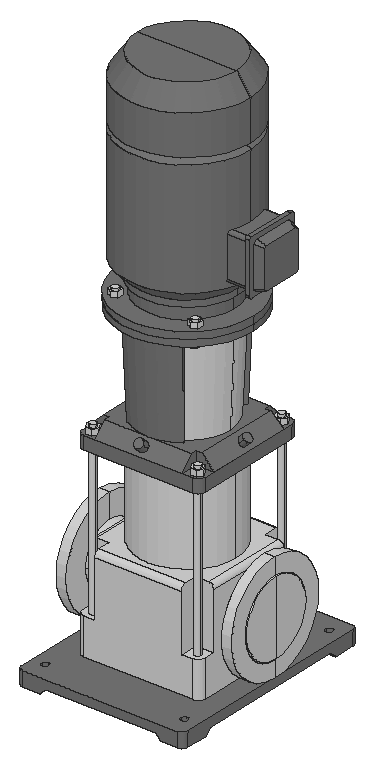
Revit family "TESK_Насос вертикальный_SVM(T)-200", category Оборудование, Revit 2019
Family settings
  Размер круглого соединителя = Использовать диаметр
  Классификация = Насос
  Тип детали = Вставляется
  На основе рабочей плоскости = Нет
  Всегда вертикально = Да
  При загрузке вырезать с полостями = Нет
  Общий = Нет
  Точка расчета площади = Нет
Parameters (values of type "Загрузите каталог типоразмеров TXT")
  Толщина_ФланцаДвигателя = Двигатель_Высота * 0.03  # 18.3 mm
  Таблица_Поиска = "TESK_SVM(T)-200"  # constant formula
  Производитель_Контакты = "info@teskpump.ru"
  Напор максимальный = 0
  Материал_КорпусУлитка = TESK_Нержавеющая сталь
  Материал_КорпусДвигателя = TESK_Черный_Ребра_Условный
  Материал_2 = TESK_Нержавеющая сталь
  Материал_1 = TESK_Черный_Условный
  Высота_Башня = size_lookup(Таблица_Поиска, "A5", 320 mm, ADSK_Марка)  # 320 mm
  Высота_Корпуса = size_lookup(Таблица_Поиска, "A1", 907 mm, ADSK_Марка)  # 907 mm
  Watermark [instance] = "Модели защищены уникальным кодом"
  URL = "www.teskpump.ru"
  D_Башня = Двигатель_Ширина * 0.75  # 262.5 mm
  ADSK_Свободный напор жидкости [instance] = 0.0 Pa
  ADSK_Расход жидкости [instance] = 0.0 L/s
  ADSK_Полная мощность = ADSK_Номинальная мощность * ADSK_Коэффициент мощности  # 0 kVA
  ADSK_Номинальная мощность = size_lookup(Таблица_Поиска, "Pow", 0 kW, ADSK_Марка)  # 0 kW
  ADSK_Напряжение = 400 V
  ADSK_Наименование краткое = "Вертикальный многоступенчатый центробежный насос"  # constant formula
  ADSK_Наименование = size_lookup(Таблица_Поиска, "Name", "Не найдено: Насос TESK SVM(T)-200", ADSK_Марка)  # "Не найдено: Насос TESK SVM(T)-200"
  ADSK_Масса_Текст = size_lookup(Таблица_Поиска, "mass_t", "Не найдено: Насос TESK SVM(T)-200", ADSK_Марка)  # "Не найдено: Насос TESK SVM(T)-200"
  ADSK_Масса = size_lookup(Таблица_Поиска, "mass", 0, ADSK_Марка)  # 0
  ADSK_Марка = "Загрузите каталог типоразмеров TXT"
  ADSK_Коэффициент мощности = 1
  ADSK_Количество фаз числовое = ADSK_Количество фаз  # 3
  ADSK_Количество фаз = if(ADSK_Напряжение = 230 V, 1, 3)  # 3
  ADSK_Количество = 1  # constant formula
  ADSK_Код изделия = size_lookup(Таблица_Поиска, "code", "Не найдено: Насос TESK SVM(T)-200", ADSK_Марка)  # "Не найдено: Насос TESK SVM(T)-200"
  ADSK_Классификация нагрузок = Прочее
  ADSK_Завод-изготовитель = "TESK"  # constant formula
  ADSK_Единица измерения = "шт."  # constant formula
  ADSK_Диаметр условный = 150 mm  # constant formula
  ADSK_Версия семейства = "1.0"  # constant formula
  ADSK_Версия Revit = "2019"  # constant formula
  Фланец_Толщина = 30 mm  # constant formula
  УГО_Длина = 490 mm  # constant formula
  Двигатель_Ширина = size_lookup(Таблица_Поиска, "A3", 350 mm, ADSK_Марка)  # 350 mm
  Двигатель_ОтступКоробки = size_lookup(Таблица_Поиска, "A4", 260 mm, ADSK_Марка)  # 260 mm
  Двигатель_Высота = size_lookup(Таблица_Поиска, "A2", 610 mm, ADSK_Марка)  # 610 mm
Reference planes
  plane 1 "По центру (Вперед/Назад)": y = 0
  plane 2: z = 0
  plane 3 "По центру (Влево/Вправо)": x = 0
  plane 4: x = -245
  plane 5: x = 245
  plane 6: x = -215
  plane 7: x = 215
  plane 8: z = -200
  plane 9: z = 707
  plane 10: z = 387
  plane 11: z = 352
  plane 12: x = -170
  plane 13: y = 170
  plane 14: x = 170
  plane 15: y = -170
  plane 16: x = -145
  plane 17: x = 145
  plane 18: y = -145
  plane 19: y = 145
  plane 20: z = 409
  plane 21: z = -160
  plane 22: x = -230
  plane 23: x = 230
  plane 24: y = -300
  plane 25: y = 300
  plane 26: z = -185
  plane 27: x = -167.5
  plane 28: x = 167.5
  plane 29: y = -300
  plane 30: y = 300
  plane 31: x = -230
  plane 32: x = 230
  plane 33: y = -225
  plane 34: y = 225
  plane 35: z = -185
  plane 36: x = -192.5
  plane 37: x = 192.5
  plane 38: y = -250
  plane 39: y = 250
  plane 40: z = 110
  plane 41: x = -170
  plane 42: x = 170
  plane 43: y = -170
  plane 44: y = 170
  plane 45: x = -170
  plane 46: x = 170
  plane 47: y = -170
  plane 48: y = 170
  plane 49: x = -120
  plane 50: x = 120
  plane 51: y = -120
  plane 52: y = 120
  plane 53: z = -60
  plane 54: x = -145
  plane 55: x = 145
  plane 56: y = -145
  plane 57: y = 145
  plane 58: x = -170
  plane 59: x = 170
  plane 60: y = -170
  plane 61: y = 170
  plane 62: x = -135
  plane 63: x = 135
  plane 64: y = -135
  plane 65: y = 135
  plane 66: z = 422
  plane 67: z = 688.7
  plane 68: x = -119
  plane 69: x = -131.25
  plane 70: x = 131.25
  plane 71: x = -135
  plane 72: x = -147.25
  plane 73: x = 119
  plane 74: x = 131.25
  plane 75: x = -131.25
  plane 76: x = 135
  plane 77: x = 147.25
  plane 78: x = 170
  plane 79: x = 155
  plane 80: z = 95
Forms (mm)
  Extrusion 1, solid, material "TESK_Нержавеющая сталь" <- "Материал_КорпусУлитка", detail levels fine
    sketch origin (0, 0, 0) x (0, 1, 0) y (0, 0, 1)
      loop
        circle (0, 0) r 85
    from -215 to 215
  Extrusion 2, solid, material "TESK_Черный_Условный" <- "Материал_1", detail levels fine
    sketch origin (0, 0, 0) x (1, 0, 0) y (0, 1, 0)
      loop
        line (-170, 150) -> (-170, -150)
        arc (-170, -150) -> (-164.142, -164.142) -> (-150, -170) r 20
        line (-150, -170) -> (150, -170)
        arc (150, -170) -> (164.142, -164.142) -> (170, -150) r 20
        line (170, -150) -> (170, 150)
        arc (170, 150) -> (164.142, 164.142) -> (150, 170) r 20
        line (150, 170) -> (-150, 170)
        arc (-150, 170) -> (-164.142, 164.142) -> (-170, 150) r 20
    from 352 to 387
  Extrusion 3, solid, material "TESK_Нержавеющая сталь" <- "Материал_2", detail levels fine
    sketch origin (0, 0, 0) x (1, 0, 0) y (0, 1, 0)
      loop
        circle (-145, 145) r 9
      loop
        circle (145, 145) r 9
      loop
        circle (-145, -145) r 9
      loop
        circle (145, -145) r 9
    from -60 to 409
  Extrusion 4, solid, material "TESK_Черный_Условный" <- "Материал_1", detail levels fine
    sketch origin (0, 0, 0) x (1, 0, 0) y (0, 1, 0)
      loop
        line (-230, 285) -> (-230, -285)
        arc (-230, -285) -> (-225.607, -295.607) -> (-215, -300) r 15
        line (-215, -300) -> (215, -300)
        arc (215, -300) -> (225.607, -295.607) -> (230, -285) r 15
        line (230, -285) -> (230, 285)
        arc (230, 285) -> (225.607, 295.607) -> (215, 300) r 15
        line (215, 300) -> (-215, 300)
        arc (-215, 300) -> (-225.607, 295.607) -> (-230, 285) r 15
    from -200 to -160
  Extrusion 5, void
    sketch origin (0, 0, 0) x (1, 0, 0) y (0, 0, 1)
      loop
        line (-152.5, -185) -> (-167.5, -200) -> (167.5, -200) -> (152.5, -185) -> (-152.5, -185)
    from -300 to 300
  Extrusion 6, void
    sketch origin (0, 0, 0) x (0, 1, 0) y (0, 0, 1)
      loop
        line (-210, -185) -> (-225, -200) -> (225, -200) -> (210, -185) -> (-210, -185)
    from -230 to 230
  Extrusion 7, void
    sketch origin (0, 0, 0) x (1, 0, 0) y (0, 1, 0)
      loop
        circle (-192.5, 250) r 10
      loop
        circle (192.5, 250) r 10
      loop
        circle (192.5, -250) r 10
      loop
        circle (-192.5, -250) r 10
    from -160 to -200
  Extrusion 8, solid, material "TESK_Нержавеющая сталь" <- "Материал_КорпусУлитка", detail levels fine
    sketch origin (0, 0, 0) x (1, 0, 0) y (0, 1, 0)
      loop
        arc (-150, 170) -> (-164.142, 164.142) -> (-170, 150) r 20
        line (-170, 150) -> (-170, -150)
        arc (-170, -150) -> (-164.142, -164.142) -> (-150, -170) r 20
        line (-150, -170) -> (150, -170)
        arc (150, -170) -> (164.142, -164.142) -> (170, -150) r 20
        line (170, -150) -> (170, 150)
        arc (170, 150) -> (164.142, 164.142) -> (150, 170) r 20
        line (150, 170) -> (-150, 170)
    from -160 to 110
  Extrusion 9, void
    sketch origin (0, 0, 0) x (1, 0, 0) y (0, 1, 0)
      loop
        line (-170, 120) -> (-120, 120) -> (-120, 170) -> (-170, 170) -> (-170, 120)
      loop
        line (120, 120) -> (170, 120) -> (170, 170) -> (120, 170) -> (120, 120)
      loop
        line (-170, -120) -> (-170, -170) -> (-120, -170) -> (-120, -120) -> (-170, -120)
      loop
        line (120, -120) -> (120, -170) -> (170, -170) -> (170, -120) -> (120, -120)
    from -60 to 422
  Extrusion 10, solid, material "TESK_Нержавеющая сталь" <- "Материал_2", detail levels fine
    sketch origin (0, 0, 0) x (1, 0, 0) y (0, 1, 0)
      loop
        circle (0, 0) r 135
    from 110 to 352
  Blend 11, solid, material "TESK_Черный_Условный" <- "Материал_1", detail levels fine
    base sketch origin (0, 0, 0) x (1, 0, 0) y (0, 1, 0)
      loop
        line (-170, 170) -> (-170, -170) -> (170, -170) -> (170, 170) -> (-170, 170)
    top sketch origin (0, 0, 0) x (1, 0, 0) y (0, 1, 0)
      loop
        line (-135, 135) -> (-135, -135) -> (135, -135) -> (135, 135) -> (-135, 135)
    from 387 to 422
  Blend 12, solid, material "TESK_Нержавеющая сталь" <- "Материал_2", detail levels fine
    base sketch origin (0, 0, 0) x (1, 0, 0) y (0, 1, 0)
      loop
        circle (0, 0) r 119
    top sketch origin (0, 0, 0) x (1, 0, 0) y (0, 1, 0)
      loop
        circle (0, 0) r 131.25
    from 422 to 688.7
  Revolve 13, solid, material "TESK_Черный_Условный" <- "Материал_1", detail levels fine
    sketch origin (0, 0, 0) x (1, 0, 0) y (0, 0, 1)
      loop
        line (-147.25, 688.7) -> (-135, 422) -> (-119, 422) -> (-131.25, 688.7) -> (-147.25, 688.7)
      axis (0, 422) -> (0, 688.7)
    angle from 125 to 55
  Revolve 14, solid, material "TESK_Черный_Условный" <- "Материал_1", detail levels fine
    sketch origin (0, 0, 0) x (-1, 0, 0) y (0, 0, 1)
      loop
        line (-147.25, 688.7) -> (-135, 422) -> (-119, 422) -> (-131.25, 688.7) -> (-147.25, 688.7)
      axis (0, 422) -> (0, 688.7)
    angle from -125 to -55
  Sweep 15, void
    path in 3D
      loop
        arc (170, 150, 110) -> (164.142, 164.142, 110) -> (150, 170, 110) r 20
        line (150, 170, 110) -> (-150, 170, 110)
        arc (-150, 170, 110) -> (-164.142, 164.142, 110) -> (-170, 150, 110) r 20
        line (-170, 150, 110) -> (-170, -150, 110)
        arc (-170, -150, 110) -> (-164.142, -164.142, 110) -> (-150, -170, 110) r 20
        line (-150, -170, 110) -> (150, -170, 110)
        arc (150, -170, 110) -> (164.142, -164.142, 110) -> (170, -150, 110) r 20
        line (170, -150, 110) -> (170, 150, 110)
    profile origin (170, 0, 110) x (-1, 0, 0) y (0, 0, 1)
      loop
        line (0, 0) -> (0, -15)
        arc (0, -15) -> (4.393, -4.393) -> (15, 0) r 15
        line (15, 0) -> (0, 0)
Cuts and joins
  Extrusion 5, Extrusion 6, Extrusion 7 cuts Extrusion 4
  Extrusion 9, Sweep 15 cuts Extrusion 8
  Extrusion 9 cuts Blend 11
Lines and regions (mm)
  sketch lines
    curve 1: line (170, -150, 110) -> (170, 150, 110)
    curve 2: arc (170, -150, 110) -> (164.142, -164.142, 110) -> (150, -170, 110) r 20
    curve 3: line (-150, -170, 110) -> (150, -170, 110)
    curve 4: arc (-150, -170, 110) -> (-164.142, -164.142, 110) -> (-170, -150, 110) r 20
    curve 5: line (-170, 150, 110) -> (-170, -150, 110)
    curve 6: arc (-170, 150, 110) -> (-164.142, 164.142, 110) -> (-150, 170, 110) r 20
    curve 7: line (150, 170, 110) -> (-150, 170, 110)
    curve 8: arc (150, 170, 110) -> (164.142, 164.142, 110) -> (170, 150, 110) r 20
Dimensions and locks
  locked: plane 3 "По центру (Влево/Вправо)" to plane 4 at 245
  locked: plane 5 to plane 3 "По центру (Влево/Вправо)" at 245
  locked: plane 2 to plane 8 at 200
  "Высота_Башня": plane 9 to plane 10
  locked: plane 10 to plane 11 at 35
  equal spacing: plane 12, plane 3 "По центру (Влево/Вправо)", plane 14
  equal spacing: plane 13, plane 1 "По центру (Вперед/Назад)", plane 15
  locked: plane 15 to plane 1 "По центру (Вперед/Назад)" at 170
  locked: plane 12 to plane 3 "По центру (Влево/Вправо)" at 170
  equal spacing: plane 16, plane 3 "По центру (Влево/Вправо)", plane 17
  locked: plane 16 to plane 3 "По центру (Влево/Вправо)" at 145
  equal spacing: plane 19, plane 1 "По центру (Вперед/Назад)", plane 18
  locked: plane 19 to plane 1 "По центру (Вперед/Назад)" at 145
  locked: plane 20 to plane 10 at 22
  locked: plane 21 to plane 8 at 40
  equal spacing: plane 22, plane 3 "По центру (Влево/Вправо)", plane 23
  locked: plane 22 to plane 3 "По центру (Влево/Вправо)" at 230
  equal spacing: plane 25, plane 1 "По центру (Вперед/Назад)", plane 24
  locked: plane 25 to plane 1 "По центру (Вперед/Назад)" at 300
  locked: plane 26 to plane 8 at 15
  equal spacing: plane 28, plane 3 "По центру (Влево/Вправо)", plane 27
  equal spacing: plane 29, plane 1 "По центру (Вперед/Назад)", plane 30
  locked: plane 29 to plane 1 "По центру (Вперед/Назад)" at 300
  equal spacing: plane 32, plane 3 "По центру (Влево/Вправо)", plane 31
  locked: plane 3 "По центру (Влево/Вправо)" to plane 31 at 230
  equal spacing: plane 33, plane 1 "По центру (Вперед/Назад)", plane 34
  locked: plane 35 to plane 8 at 15
  equal spacing: plane 36, plane 3 "По центру (Влево/Вправо)", plane 37
  equal spacing: plane 39, plane 1 "По центру (Вперед/Назад)", plane 38
  locked: plane 39 to plane 1 "По центру (Вперед/Назад)" at 250
  locked: plane 3 "По центру (Влево/Вправо)" to plane 37 at 192.5
  locked: plane 40 to plane 21 at 270
  equal spacing: plane 41, plane 3 "По центру (Влево/Вправо)", plane 42
  equal spacing: plane 44, plane 1 "По центру (Вперед/Назад)", plane 43
  locked: plane 43 to plane 1 "По центру (Вперед/Назад)" at 170
  locked: plane 3 "По центру (Влево/Вправо)" to plane 42 at 170
  equal spacing: plane 48, plane 1 "По центру (Вперед/Назад)", plane 47
  equal spacing: plane 45, plane 3 "По центру (Влево/Вправо)", plane 46
  locked: plane 45 to plane 3 "По центру (Влево/Вправо)" at 170
  locked: plane 48 to plane 1 "По центру (Вперед/Назад)" at 170
  locked: plane 48 to plane 52 at 50
  locked: plane 51 to plane 47 at 50
  locked: plane 45 to plane 49 at 50
  locked: plane 50 to plane 46 at 50
  locked: plane 2 to plane 53 at 60
  equal spacing: plane 57, plane 1 "По центру (Вперед/Назад)", plane 56
  locked: plane 57 to plane 1 "По центру (Вперед/Назад)" at 145
  equal spacing: plane 54, plane 3 "По центру (Влево/Вправо)", plane 55
  locked: plane 3 "По центру (Влево/Вправо)" to plane 55 at 145
  equal spacing: plane 61, plane 1 "По центру (Вперед/Назад)", plane 60
  equal spacing: plane 58, plane 3 "По центру (Влево/Вправо)", plane 59
  locked: plane 58 to plane 3 "По центру (Влево/Вправо)" at 170
  locked: plane 1 "По центру (Вперед/Назад)" to plane 61 at 170
  equal spacing: plane 62, plane 3 "По центру (Влево/Вправо)", plane 63
  equal spacing: plane 65, plane 1 "По центру (Вперед/Назад)", plane 64
  locked: plane 1 "По центру (Вперед/Назад)" to plane 65 at 135
  locked: plane 62 to plane 3 "По центру (Влево/Вправо)" at 135
  locked: plane 66 to plane 10 at 35
  "Толщина_ФланцаДвигателя": plane 9 to plane 67
  equal spacing: plane 70, plane 3 "По центру (Влево/Вправо)", plane 69
  "D_Башня": plane 70 to plane 69
  locked: plane 3 "По центру (Влево/Вправо)" to plane 68 at 119
  locked: plane 69 to plane 72 at 16
  locked: plane 68 to plane 71 at 16
  "D_Башня": plane 75 to plane 74
  locked: plane 74 to plane 77 at 16
  locked: plane 73 to plane 76 at 16
  equal spacing: plane 75, plane 3 "По центру (Влево/Вправо)", plane 74
  locked: plane 73 to plane 3 "По центру (Влево/Вправо)" at 119
  locked: plane 3 "По центру (Влево/Вправо)" to plane 27 at 167.5
  locked: plane 33 to plane 1 "По центру (Вперед/Назад)" at 225
  "Фланец_Толщина": plane 5 to plane 7
  "Фланец_Толщина": plane 6 to plane 4
  "Высота_Корпуса": plane 9 to plane 8
  locked: plane 78 to plane 3 "По центру (Влево/Вправо)" at 170
  locked: plane 78 to plane 79 at 15
  locked: plane 40 to plane 80 at 15
  diameter of Extrusion 1 sketch curve = 170 mm
  radius of Extrusion 2 sketch curve = 20 mm  (x4)
  diameter of Extrusion 3 sketch curve = 18 mm  (x4)
  radius of Extrusion 4 sketch curve = 15 mm  (x4)
  diameter of Extrusion 7 sketch curve = 20 mm  (x4)
  radius of Extrusion 8 sketch curve = 20 mm  (x4)
  diameter of Blend 12 sketch curve = 238 mm
  "D_Башня": diameter of Blend 12 sketch curve
  diameter of Extrusion 10 sketch curve = 270 mm
  radius of Sweep 15 sketch curve = 15 mm
  locked: Extrusion 5 sketch curve to plane 27 (angle 45.00°)
  locked: plane 28 to Extrusion 5 sketch curve (angle 45.00°)
  locked: Extrusion 6 sketch curve to plane 33 (angle 45.00°)
  locked: plane 34 to Extrusion 6 sketch curve (angle 45.00°)
  aligned and locked: level to plane 2
  aligned and locked: plane 1 "По центру (Вперед/Назад)" to nested 1
  aligned and locked: nested 2 to plane 1 "По центру (Вперед/Назад)"
  aligned and locked: plane 4 to nested 1
  aligned and locked: nested 2 to plane 5
  aligned and locked: Extrusion 1 to plane 6
  aligned and locked: Extrusion 1 to plane 7
  aligned and locked: Extrusion 2 sketch curve to plane 12
  aligned and locked: Extrusion 2 sketch curve to plane 13
  aligned and locked: Extrusion 2 sketch curve to plane 14
  aligned and locked: Extrusion 2 sketch curve to plane 15
  aligned and locked: Extrusion 2 to plane 10
  aligned and locked: Extrusion 2 to plane 11
  aligned and locked: plane 19 to Extrusion 3 sketch curve  (x2)
  aligned and locked: plane 16 to Extrusion 3 sketch curve
  aligned and locked: plane 17 to Extrusion 3 sketch curve
  aligned and locked: plane 18 to Extrusion 3 sketch curve  (x2)
  aligned and locked: Extrusion 3 sketch curve to plane 17
  aligned and locked: Extrusion 3 sketch curve to plane 16
  aligned and locked: Extrusion 3 to plane 20
  aligned and locked: plane 3 "По центру (Влево/Вправо)" to nested 3
  aligned and locked: plane 1 "По центру (Вперед/Назад)" to nested 3
  aligned and locked: plane 9 to nested 3
  aligned and locked: Extrusion 4 sketch curve to plane 22
  aligned and locked: Extrusion 4 sketch curve to plane 25
  aligned and locked: Extrusion 4 sketch curve to plane 23
  aligned and locked: Extrusion 4 sketch curve to plane 24
  aligned and locked: Extrusion 4 to plane 21
  aligned and locked: Extrusion 4 to plane 8
  aligned and locked: Extrusion 5 sketch curve to plane 26
  aligned and locked: Extrusion 5 sketch curve to plane 27
  aligned and locked: Extrusion 5 sketch curve to plane 8
  aligned and locked: Extrusion 5 sketch curve to plane 28
  aligned and locked: plane 8 to Extrusion 5 sketch curve
  aligned and locked: plane 29 to Extrusion 5
  aligned and locked: Extrusion 5 to plane 30
  aligned and locked: Extrusion 6 sketch curve to plane 35
  aligned and locked: Extrusion 6 sketch curve to plane 8
  aligned and locked: Extrusion 6 sketch curve to plane 34
  aligned and locked: plane 8 to Extrusion 6 sketch curve
  aligned and locked: Extrusion 6 sketch curve to plane 33
  aligned and locked: plane 31 to Extrusion 6
  aligned and locked: Extrusion 6 to plane 32
  aligned and locked: plane 39 to Extrusion 7 sketch curve  (x2)
  aligned and locked: plane 36 to Extrusion 7 sketch curve
  aligned and locked: plane 37 to Extrusion 7 sketch curve
  aligned and locked: Extrusion 7 sketch curve to plane 38
  aligned and locked: Extrusion 7 sketch curve to plane 37
  aligned and locked: plane 38 to Extrusion 7 sketch curve
  aligned and locked: Extrusion 7 sketch curve to plane 36
  aligned and locked: plane 21 to Extrusion 7
  aligned and locked: Extrusion 7 to plane 8
  aligned and locked: Extrusion 8 sketch curve to plane 44
  aligned and locked: Extrusion 8 sketch curve to plane 41
  aligned and locked: Extrusion 8 sketch curve to plane 42
  aligned and locked: Extrusion 8 sketch curve to plane 43
  aligned and locked: Extrusion 8 to plane 21
  aligned and locked: plane 40 to Extrusion 8
  aligned and locked: Extrusion 9 sketch curve to plane 52  (x2)
  aligned and locked: Extrusion 9 sketch curve to plane 45
  aligned and locked: Extrusion 9 sketch curve to plane 48  (x2)
  aligned and locked: Extrusion 9 sketch curve to plane 49  (x2)
  aligned and locked: Extrusion 9 sketch curve to plane 50  (x2)
  aligned and locked: Extrusion 9 sketch curve to plane 46
  aligned and locked: plane 45 to Extrusion 9 sketch curve
  aligned and locked: Extrusion 9 sketch curve to plane 47  (x2)
  aligned and locked: Extrusion 9 sketch curve to plane 51  (x2)
  aligned and locked: plane 46 to Extrusion 9 sketch curve
  aligned and locked: Extrusion 9 to plane 53
  aligned and locked: Extrusion 10 to plane 40
  aligned and locked: plane 11 to Extrusion 10
  aligned and locked: nested 4 to plane 10
  aligned and locked: nested 4 to plane 54
  aligned and locked: plane 56 to nested 4
  aligned and locked: Extrusion 3 to plane 53
  aligned and locked: nested 5 to plane 55
  aligned and locked: nested 5 to plane 56
  aligned and locked: plane 55 to nested 7
  aligned and locked: nested 7 to plane 57
  aligned and locked: plane 54 to nested 6
  aligned and locked: plane 57 to nested 6
  aligned and locked: plane 10 to nested 5
  aligned and locked: nested 7 to plane 10
  aligned and locked: plane 10 to nested 6
  aligned and locked: Blend 11 sketch curve to plane 58
  aligned and locked: Blend 11 sketch curve to plane 61
  aligned and locked: Blend 11 sketch curve to plane 60
  aligned and locked: Blend 11 sketch curve to plane 59
  aligned and locked: Blend 11 sketch curve to plane 65
  aligned and locked: Blend 11 sketch curve to plane 62
  aligned and locked: Blend 11 sketch curve to plane 63
  aligned and locked: Blend 11 sketch curve to plane 64
  aligned and locked: Blend 11 to plane 10
  aligned and locked: plane 66 to Extrusion 9
  aligned and locked: plane 66 to Blend 11
  aligned and locked: plane 3 "По центру (Влево/Вправо)" to Blend 12 sketch curve  (x2)
  aligned and locked: plane 1 "По центру (Вперед/Назад)" to Blend 12 sketch curve  (x2)
  aligned and locked: Blend 12 to plane 66
  aligned and locked: plane 67 to Blend 12
  aligned and locked: plane 3 "По центру (Влево/Вправо)" to Revolve 13 sketch curve
  aligned and locked: Revolve 13 sketch curve to plane 67
  aligned and locked: Revolve 13 sketch curve to plane 66
  aligned and locked: plane 71 to Revolve 13 sketch curve
  aligned and locked: plane 68 to Revolve 13 sketch curve
  aligned and locked: plane 72 to Revolve 13 sketch curve
  aligned and locked: plane 69 to Revolve 13 sketch curve
  aligned and locked: plane 66 to Revolve 14 sketch curve
  aligned and locked: Revolve 14 sketch curve to plane 76
  aligned and locked: Revolve 14 sketch curve to plane 73
  aligned and locked: plane 67 to Revolve 14 sketch curve
  aligned and locked: Revolve 14 sketch curve to plane 77
  aligned and locked: Revolve 14 sketch curve to plane 74
  aligned and locked: plane 3 "По центру (Влево/Вправо)" to Revolve 14 sketch curve
  aligned and locked: nested 8 to plane 1 "По центру (Вперед/Назад)"
  aligned and locked: nested 8 to plane 3 "По центру (Влево/Вправо)"
  aligned and locked: nested 9 to plane 1 "По центру (Вперед/Назад)"
  aligned and locked: plane 2 to nested 9
  aligned and locked: nested 9 to plane 3 "По центру (Влево/Вправо)"
  aligned and locked: plane 3 "По центру (Влево/Вправо)" to Extrusion 10 sketch curve
  aligned and locked: plane 1 "По центру (Вперед/Назад)" to Extrusion 10 sketch curve
  aligned and locked: plane 3 "По центру (Влево/Вправо)" to nested 10
  aligned and locked: plane 78 to Sweep 15 sketch curve
  aligned and locked: plane 40 to Sweep 15 sketch curve
  aligned and locked: nested 11 to plane 1 "По центру (Вперед/Назад)"
Automatic sketch dimensions
  Extrusion 1 sketch curve to level = 0 mm
  Extrusion 1 sketch curve to plane 1 "По центру (Вперед/Назад)" = 0 mm
  Sweep 15 sketch curve to plane 79 = 0 mm  (x2)
  Sweep 15 sketch curve to plane 80 = 0 mm  (x2)
  plane 66 to Revolve 13 sketch curve = 50 mm
  Revolve 13 sketch curve to plane 67 = 33.01 mm
  Revolve 14 sketch curve to plane 66 = 50 mm
  plane 67 to Revolve 14 sketch curve = 33.01 mm
Nested families
  nested 1: "Фланец_Круглый" at (-215, 0, 0), Толщина_Фланца <- "Фланец_Толщина", ADSK_Материал <- "Материал_КорпусУлитка", type "Фланец_Круглый", detail levels fine
    with Толщина_Фланца 30 mm, Толщина_Зеркала 3 mm, Dнар_Фланца 300 mm, D_Зеркала 203 mm, ADSK_Материал TESK_Нержавеющая сталь
  nested 2: "Фланец_Круглый" at (215, 0, 0) x (-1, 0, 0) z (0, 0, 1), Толщина_Фланца <- "Фланец_Толщина", ADSK_Материал <- "Материал_КорпусУлитка", type "Фланец_Круглый", detail levels fine
    with Толщина_Фланца 30 mm, Толщина_Зеркала 3 mm, Dнар_Фланца 300 mm, D_Зеркала 203 mm, ADSK_Материал TESK_Нержавеющая сталь
  nested 3: "Электродвигатель" at (0, 0, 707), Материал_Метизы <- "Материал_2", Материал_Основной <- "Материал_1", Материал_Ребра <- "Материал_КорпусДвигателя", Высота_Двигателя <- "Двигатель_Высота", Отступ_Коробка <- "Двигатель_ОтступКоробки", Ширина_Двигателя <- "Двигатель_Ширина", type "Электродвигатель", detail levels fine
    with Ширина_Коробки 130 mm, Ширина_Двигателя 350 mm, Толщина_ШляпкаБолта 11.025 mm, Толщина_Фланца 18.3 mm, Толщина_КрышкаКоробки 39 mm, Толщина_Гайки 13.781 mm, Отступ_Коробка 260 mm, Материал_Ребра TESK_Черный_Ребра_Условный, Материал_Основной TESK_Черный_Условный, Материал_Метизы TESK_Нержавеющая сталь, Коробка_Начало 122 mm, Длина_МеждуБолтами 220.5 mm, Выступ_КрышкаКоробки 10.4 mm, Высота_Двигателя 610 mm, Вылет_Болтов 17.916 mm, r2 140 mm, r1 129.5 mm, l3 5.2 mm, l2 9.1 mm, l1 9.1 mm, h6 35 mm, h5 54.9 mm, h4 183 mm, h3 164.7 mm, h2 54.9 mm, h1 36.6 mm, S_Метизы 27.563 mm, R_Верхушка 18.3 mm, R_2 5.2 mm, R_1 9.1 mm, D_Фланец 367.5 mm, D_Болты 18.375 mm
  nested 4: "Гайка_Условная" at (-145, -145, 387) x (-1, 0, 0) z (0, 0, 1), Материал1 <- "Материал_2", type "Гайка_Условная", detail levels fine
    with Толщина_Гайка 16 mm, Материал1 TESK_Нержавеющая сталь, S_Гайка 30 mm, D_Вн 18 mm
  nested 5: "Гайка_Условная" at (145, -145, 387), Материал1 <- "Материал_2", type "Гайка_Условная", detail levels fine
    with Толщина_Гайка 16 mm, Материал1 TESK_Нержавеющая сталь, S_Гайка 30 mm, D_Вн 18 mm
  nested 6: "Гайка_Условная" at (-145, 145, 387) x (-1, 0, 0) z (0, 0, 1), Материал1 <- "Материал_2", type "Гайка_Условная", detail levels fine
    with Толщина_Гайка 16 mm, Материал1 TESK_Нержавеющая сталь, S_Гайка 30 mm, D_Вн 18 mm
  nested 7: "Гайка_Условная" at (145, 145, 387), Материал1 <- "Материал_2", type "Гайка_Условная", detail levels fine
    with Толщина_Гайка 16 mm, Материал1 TESK_Нержавеющая сталь, S_Гайка 30 mm, D_Вн 18 mm
  nested 8: "Вл_УГО_Насос_2D" at (0, 0, 0) x (-1, 0, 0) z (0, 0, 1), L_УГО <- "УГО_Длина", type "Вл_УГО_Насос_2D", detail levels coarse+medium
    with L_УГО 490 mm
  nested 9: "Вл_УГО_Насос_3D" at (0, 0, 0) x (-1, 0, 0) z (0, -1, 0), L_УГО <- "УГО_Длина", type "Вл_УГО_Насос_3D", detail levels coarse+medium
    with L_УГО 490 mm
  nested 10: "Бобышка_Условная" at (0, -152.5, 404.5) x (1, 0, 0) z (0, -0.7071, 0.7071), Материал <- "Материал_1", type "Бобышка_Условная", detail levels fine
    with Материал TESK_Черный_Условный, Длина 20 mm, Диаметр 25.3 mm
  nested 11: "Бобышка_Условная" at (152.5, 0, 404.5) x (0, 1, 0) z (0.7071, 0, 0.7071), Материал <- "Материал_1", type "Бобышка_Условная", detail levels fine
    with Материал TESK_Черный_Условный, Длина 20 mm, Диаметр 25.3 mm
Connectors
  electrical at (0, 0, 1152.3), driven by "ADSK_Количество фаз", driven by "ADSK_Классификация нагрузок", driven by "ADSK_Напряжение", driven by "ADSK_Полная мощность", driven by "ADSK_Коэффициент мощности"
    settings: on nested 3, index 1, voltage 400 V, apparent load 0 kVA, apparent load phase1 0 kVA, apparent load phase2 0 kVA, apparent load phase3 0 kVA, power factor 1, load classification "Прочее", number of poles 3, system type 30, power factor state 1, is connector primary yes, connector utility no, sub classification motor no, connector description ""
  piping at (-245, 0, 0), diameter 150, driven by "ADSK_Диаметр условный", driven by "ADSK_Расход жидкости"
    settings: on nested 1, index 2, connector inside diameter 609.6 mm, connector length 0 mm, flow factor 0, pipe flow 0.0 L/s, pressure drop 0.0 Pa, fitting loss kfactor 0, connector angle 0.00°, fixture units 0, engagement length 0 mm, angle of deflection 0.00°, flow configuration 0, flow direction 1, fitting loss method 0, system type 29, joint type 0, gender type 0, connector reference index -1, connector utility 0, adjustable connector no, is connector primary yes, connector description ""
  piping at (245, 0, 0), diameter 150, driven by "ADSK_Диаметр условный", driven by "ADSK_Расход жидкости"
    settings: on nested 2, index 3, connector inside diameter 609.6 mm, connector length 0 mm, flow factor 0, pipe flow 0.0 L/s, pressure drop 0.0 Pa, fitting loss kfactor 0, connector angle 0.00°, fixture units 0, engagement length 0 mm, angle of deflection 0.00°, flow configuration 0, flow direction 2, fitting loss method 0, system type 29, joint type 0, gender type 0, connector reference index -1, connector utility 0, adjustable connector no, is connector primary no, connector description ""
Definition of nested family "Фланец_Круглый"
  Parameters (values of type "Фланец_Круглый")
    Толщина_Фланца [instance] = 30 mm
    Толщина_Зеркала [instance] = 2 mm
    Dнар_Фланца [instance] = 200 mm
    D_Зеркала [instance] = 90 mm
    ADSK_Материал [instance] = none
  Reference planes
    plane 1 "По центру (Вперед/Назад)": y = 0
    plane 2: z = 0
    plane 3 "По центру (Влево/Вправо)": x = 0
    plane 4: z = 100
    plane 5: z = -100
    plane 6: x = -30
    plane 7: x = -28
    plane 8: z = 45
    plane 9: z = -45
  Forms (mm)
    Revolve 1, solid, material <- "ADSK_Материал"
      sketch origin (0, 0, 0) x (1, 0, 0) y (0, 0, 1)
        loop
          line (0, 100) -> (-28, 100) -> (-28, 0) -> (0, 0) -> (0, 100)
        axis (-28, 0) -> (0, 0)
      angle from 0 to 360
    Revolve 2, solid, material <- "ADSK_Материал"
      sketch origin (0, 0, 0) x (1, 0, 0) y (0, 0, 1)
        loop
          line (-28, 47) -> (-30, 45) -> (-30, 0) -> (-28, 0) -> (-28, 47)
        axis (-30, 0) -> (-28, 0)
      angle from 0 to 360
  Cuts and joins
    joined: Revolve 1, Revolve 2
  Dimensions and locks
    equal spacing: plane 4, plane 2, plane 5
    "Dнар_Фланца": plane 4 to plane 5
    "Толщина_Фланца": plane 3 "По центру (Влево/Вправо)" to plane 6
    "Толщина_Зеркала": plane 7 to plane 6
    equal spacing: plane 8, plane 2, plane 9
    "D_Зеркала": plane 8 to plane 9
    locked: Revolve 2 sketch curve to plane 6 (angle 45.00°)
    aligned and locked: level to plane 2
    aligned and locked: Revolve 1 sketch curve to plane 2  (x2)
    aligned and locked: Revolve 1 sketch curve to plane 3 "По центру (Влево/Вправо)"
    aligned and locked: Revolve 1 sketch curve to plane 7
    aligned and locked: Revolve 1 sketch curve to plane 4
    aligned and locked: Revolve 2 sketch curve to plane 2  (x2)
    aligned and locked: Revolve 2 sketch curve to plane 7
    aligned and locked: Revolve 2 sketch curve to plane 6
    aligned and locked: plane 8 to Revolve 2 sketch curve
  Automatic sketch dimensions
    plane 7 to Revolve 1 sketch curve = 5 mm
    Revolve 1 sketch curve to plane 3 "По центру (Влево/Вправо)" = 2 mm
    plane 7 to Revolve 2 sketch curve = 12.352 mm
    Revolve 2 sketch curve to plane 3 "По центру (Влево/Вправо)" = 5.648 mm
Definition of nested family "Электродвигатель"
  Parameters (values of type "Электродвигатель")
    Ширина_Коробки [instance] = Отступ_Коробка * 0.5  # 77.5 mm
    Ширина_Двигателя [instance] = 190 mm
    Толщина_ШляпкаБолта [instance] = S_Метизы * 0.4  # 5.985 mm
    Толщина_Фланца [instance] = Высота_Двигателя * 0.03  # 9.99 mm
    Толщина_КрышкаКоробки [instance] = Отступ_Коробка * 0.15  # 23.25 mm
    Толщина_Гайки [instance] = S_Метизы * 0.5  # 7.481 mm
    Материал_Ребра [instance] = none
    Материал_Основной [instance] = none
    Материал_Метизы [instance] = none
    Коробка_Начало [instance] = Высота_Двигателя * 0.2  # 66.6 mm
    Отступ_Коробка [instance] = 155 mm
    Длина_МеждуБолтами [instance] = D_Фланец * 0.6  # 119.7 mm
    Выступ_КрышкаКоробки [instance] = Ширина_Коробки * 0.08  # 6.2 mm
    Высота_Двигателя [instance] = 333 mm
    Вылет_Болтов [instance] = Толщина_Гайки * 1.3  # 9.726 mm
    r2 [instance] = Ширина_Двигателя * 0.4  # 76 mm
    r1 [instance] = Ширина_Двигателя * 0.37  # 70.3 mm
    l3 [instance] = Ширина_Коробки * 0.04  # 3.1 mm
    l2 [instance] = Ширина_Коробки * 0.07  # 5.425 mm
    l1 [instance] = Ширина_Коробки * 0.07  # 5.425 mm
    h6 [instance] = Ширина_Двигателя / 2 - r2  # 19 mm
    h5 [instance] = Высота_Двигателя * 0.09  # 29.97 mm
    h4 [instance] = Высота_Двигателя * 0.3  # 99.9 mm
    h3 [instance] = Высота_Двигателя * 0.27  # 89.91 mm
    h2 [instance] = Высота_Двигателя * 0.09  # 29.97 mm
    h1 [instance] = Высота_Двигателя * 0.06  # 19.98 mm
    S_Метизы [instance] = D_Болты * 1.5  # 14.962 mm
    R_Верхушка [instance] = h5 / 3  # 9.99 mm
    R_2 [instance] = Ширина_Коробки * 0.04  # 3.1 mm
    R_1 [instance] = Ширина_Коробки * 0.07  # 5.425 mm
    D_Фланец [instance] = Ширина_Двигателя * 1.05  # 199.5 mm
    D_Болты [instance] = D_Фланец * 0.05  # 9.975 mm
  Reference planes
    plane 1 "По центру (Вперед/Назад)": y = 0
    plane 2: z = 0
    plane 3 "По центру (Влево/Вправо)": x = 0
    plane 4: z = 333
    plane 5: x = -95
    plane 6: x = 95
    plane 7: x = 155
    plane 8: z = 9.99
    plane 9: z = -9.99
    plane 10: z = 29.97
    plane 11: z = 39.96
    plane 12: z = 303.03
    plane 13: x = -70.3
    plane 14: x = -76
    plane 15: z = 233.1
    plane 16: x = -93
    plane 17: z = 243.09
    plane 18: x = -69.018
    plane 19: z = 144.1
    plane 20: z = 66.6
    plane 21: y = -38.75
    plane 22: y = 38.75
    plane 23: x = 131.75
    plane 24: x = 139.5
    plane 25: x = 147.25
    plane 26: y = -44.95
    plane 27: z = 150.3
    plane 28: y = 44.95
    plane 29: z = 60.4
    plane 30: x = -59.85
    plane 31: x = 59.85
    plane 32: y = 59.85
    plane 33: y = -59.85
    plane 34: z = -15.975
    plane 35: z = 19.716
    plane 36: z = 72.025
    plane 37: z = 138.675
    plane 38: y = -33.325
    plane 39: y = 33.325
    plane 40: y = -33.325
    plane 41: z = 138.675
    plane 42: z = 72.025
    plane 43: y = 33.325
    plane 44: y = -30.225
    plane 45: z = 135.575
    plane 46: z = 75.125
    plane 47: y = 30.225
    plane 48: z = 17.471
    plane 49: z = 252.1
    plane 50: z = 39.96
    plane 51: x = -76
    plane 52: z = 233.1
    plane 53: z = 252.1
  Forms (mm)
    Revolve 1, solid, material <- "Материал_Основной"
      sketch origin (0, 0, 0) x (1, 0, 0) y (0, 0, 1)
        loop
          line (0, 39.96) -> (-76, 39.96) -> (-76, 29.97) -> (-70.3, 29.97) -> (-70.3, 9.99) -> (0, 9.99) -> (0, 39.96)
        loop
          line (-76, 303.03) -> (-76, 252.1) -> (0, 252.1) -> (0, 333) -> (-74.015, 333) -> (-95, 303.03) -> (-95, 243.09) -> (-93, 243.09) -> (-93, 303.03) -> (-76, 303.03)
        axis (0, 9.99) -> (0, 333)
      angle from 0 to 360
    Extrusion 2, solid, material <- "Материал_Основной"
      sketch origin (0, 0, 0) x (1, 0, 0) y (0, 1, 0)
        loop
          circle (0, 0) r 99.75
      from 0 to -9.99
    Extrusion 3, solid, material <- "Материал_Основной"
      sketch origin (0, 0, 0) x (1, 0, 0) y (0, 1, 0)
        loop
          circle (0, 0) r 99.75
      from 0 to 9.99
    Extrusion 4, solid, material <- "Материал_Основной"
      sketch origin (0, 0, 0) x (0, 1, 0) y (0, 0, 1)
        loop
          line (-38.75, 138.675) -> (-38.75, 72.025)
          arc (-38.75, 72.025) -> (-37.161, 68.189) -> (-33.325, 66.6) r 5.425
          line (-33.325, 66.6) -> (33.325, 66.6)
          arc (33.325, 66.6) -> (37.161, 68.189) -> (38.75, 72.025) r 5.425
          line (38.75, 72.025) -> (38.75, 138.675)
          arc (38.75, 138.675) -> (37.161, 142.511) -> (33.325, 144.1) r 5.425
          line (33.325, 144.1) -> (-33.325, 144.1)
          arc (-33.325, 144.1) -> (-37.161, 142.511) -> (-38.75, 138.675) r 5.425
      from 0 to 131.75
    Extrusion 5, solid, material <- "Материал_Основной"
      sketch origin (0, 0, 0) x (0, 1, 0) y (0, 0, 1)
        loop
          line (-41.85, 60.4) -> (41.85, 60.4)
          arc (41.85, 60.4) -> (44.042, 61.308) -> (44.95, 63.5) r 3.1
          line (44.95, 63.5) -> (44.95, 147.2)
          arc (44.95, 147.2) -> (44.042, 149.392) -> (41.85, 150.3) r 3.1
          line (41.85, 150.3) -> (-41.85, 150.3)
          arc (-41.85, 150.3) -> (-44.042, 149.392) -> (-44.95, 147.2) r 3.1
          line (-44.95, 147.2) -> (-44.95, 63.5)
          arc (-44.95, 63.5) -> (-44.042, 61.308) -> (-41.85, 60.4) r 3.1
      from 131.75 to 139.5
    Extrusion 6, solid, material <- "Материал_Метизы"
      sketch origin (0, 0, 0) x (1, 0, 0) y (0, 1, 0)
        loop
          circle (-59.85, 59.85) r 4.987
        loop
          circle (59.85, 59.85) r 4.987
        loop
          circle (-59.85, -59.85) r 4.987
        loop
          circle (59.85, -59.85) r 4.987
      from 9.99 to 19.716
    Blend 7, solid, material <- "Материал_Основной"
      base sketch origin (0, 0, 0) x (0, 1, 0) y (0, 0, 1)
        loop
          line (-33.325, 144.1) -> (-38.75, 138.675) -> (-38.75, 72.025) -> (-33.325, 66.6) -> (33.325, 66.6) -> (38.75, 72.025) -> (38.75, 138.675) -> (33.325, 144.1) -> (-33.325, 144.1)
      top sketch origin (0, 0, 0) x (0, 1, 0) y (0, 0, 1)
        loop
          line (-30.225, 138.675) -> (-33.325, 135.575) -> (-33.325, 75.125) -> (-30.225, 72.025) -> (30.225, 72.025) -> (33.325, 75.125) -> (33.325, 135.575) -> (30.225, 138.675) -> (-30.225, 138.675)
      from 139.5 to 155
    Extrusion 8, solid, material <- "Материал_Метизы"
      sketch origin (0, 0, 0) x (1, 0, 0) y (0, 1, 0)
        loop
          line (-59.85, 68.489) -> (-67.331, 64.169) -> (-67.331, 55.531) -> (-59.85, 51.211) -> (-52.369, 55.531) -> (-52.369, 64.169) -> (-59.85, 68.489)
        loop
          line (59.85, 68.489) -> (52.369, 64.169) -> (52.369, 55.531) -> (59.85, 51.211) -> (67.331, 55.531) -> (67.331, 64.169) -> (59.85, 68.489)
        loop
          line (59.85, -51.211) -> (52.369, -55.531) -> (52.369, -64.169) -> (59.85, -68.489) -> (67.331, -64.169) -> (67.331, -55.531) -> (59.85, -51.211)
        loop
          line (-59.85, -51.211) -> (-67.331, -55.531) -> (-67.331, -64.169) -> (-59.85, -68.489) -> (-52.369, -64.169) -> (-52.369, -55.531) -> (-59.85, -51.211)
      from -15.975 to -9.99
    Extrusion 9, solid, material <- "Материал_Метизы"
      sketch origin (0, 0, 0) x (1, 0, 0) y (0, 1, 0)
        loop
          circle (-59.85, 59.85) r 4.987
        loop
          circle (59.85, 59.85) r 4.987
        loop
          circle (59.85, -59.85) r 4.987
        loop
          circle (-59.85, -59.85) r 4.987
        loop
          line (-67.331, 55.531) -> (-59.85, 51.211) -> (-52.369, 55.531) -> (-52.369, 64.169) -> (-59.85, 68.489) -> (-67.331, 64.169) -> (-67.331, 55.531)
        loop
          line (52.369, 55.531) -> (59.85, 51.211) -> (67.331, 55.531) -> (67.331, 64.169) -> (59.85, 68.489) -> (52.369, 64.169) -> (52.369, 55.531)
        loop
          line (52.369, -64.169) -> (59.85, -68.489) -> (67.331, -64.169) -> (67.331, -55.531) -> (59.85, -51.211) -> (52.369, -55.531) -> (52.369, -64.169)
        loop
          line (-67.331, -64.169) -> (-59.85, -68.489) -> (-52.369, -64.169) -> (-52.369, -55.531) -> (-59.85, -51.211) -> (-67.331, -55.531) -> (-67.331, -64.169)
      from 9.99 to 17.471
    Revolve 10, solid, material <- "Материал_Ребра"
      sketch origin (0, 0, 0) x (1, 0, 0) y (0, 0, 1)
        loop
          line (0, 252.1) -> (-76, 252.1) -> (-95, 233.1) -> (-95, 58.96) -> (-76, 39.96) -> (0, 39.96) -> (0, 252.1)
        axis (0, 39.96) -> (0, 252.1)
      angle from 0 to 360
  Dimensions and locks
    "Высота_Двигателя": plane 4 to plane 2
    equal spacing: plane 6, plane 3 "По центру (Влево/Вправо)", plane 5
    "Ширина_Двигателя": plane 6 to plane 5
    "Отступ_Коробка": plane 7 to plane 3 "По центру (Влево/Вправо)"
    equal spacing: plane 8, plane 2, plane 9
    "Толщина_Фланца": plane 8 to plane 2
    "h1": plane 10 to plane 8
    "h5": plane 4 to plane 12
    "r1": plane 3 "По центру (Влево/Вправо)" to plane 13
    "r2": plane 3 "По центру (Влево/Вправо)" to plane 14
    locked: plane 16 to plane 5 at 2
    "h3": plane 4 to plane 17
    "h2": plane 11 to plane 8
    "h4": plane 4 to plane 15
    locked: plane 3 "По центру (Влево/Вправо)" to plane 18 at 69.018
    "Коробка_Начало": plane 20 to plane 2
    "Ширина_Коробки": plane 19 to plane 20
    equal spacing: plane 21, plane 1 "По центру (Вперед/Назад)", plane 22
    "Ширина_Коробки": plane 21 to plane 22
    "Толщина_КрышкаКоробки": plane 7 to plane 23
    equal spacing: plane 7, plane 25, plane 24, plane 23
    "Выступ_КрышкаКоробки": plane 26 to plane 21
    "Выступ_КрышкаКоробки": plane 22 to plane 28
    "Выступ_КрышкаКоробки": plane 27 to plane 19
    "Выступ_КрышкаКоробки": plane 20 to plane 29
    equal spacing: plane 30, plane 3 "По центру (Влево/Вправо)", plane 31
    equal spacing: plane 32, plane 1 "По центру (Вперед/Назад)", plane 33
    "Длина_МеждуБолтами": plane 32 to plane 33
    "Длина_МеждуБолтами": plane 30 to plane 31
    "Толщина_ШляпкаБолта": plane 9 to plane 34
    "Вылет_Болтов": plane 35 to plane 8
    "l1": plane 21 to plane 38
    "l1": plane 39 to plane 22
    "l1": plane 19 to plane 37
    "l1": plane 36 to plane 20
    "l2": plane 21 to plane 40
    "l2": plane 43 to plane 22
    "l2": plane 42 to plane 20
    "l2": plane 19 to plane 41
    "l3": plane 40 to plane 44
    "l3": plane 47 to plane 43
    "l3": plane 41 to plane 45
    "l3": plane 46 to plane 42
    "Толщина_Гайки": plane 48 to plane 8
    equal spacing: Extrusion 8 sketch curve, plane 32, Extrusion 8 sketch curve  (x4)
    equal spacing: Extrusion 8 sketch curve, plane 30, Extrusion 8 sketch curve  (x2)
    equal spacing: Extrusion 8 sketch curve, plane 31, Extrusion 8 sketch curve  (x2)
    equal spacing: Extrusion 8 sketch curve, plane 33, Extrusion 8 sketch curve  (x4)
    "S_Метизы": Extrusion 8 sketch curve to Extrusion 8 sketch curve  (x12)
    equal spacing: Extrusion 9 sketch curve, plane 33, Extrusion 9 sketch curve  (x6)
    equal spacing: Extrusion 9 sketch curve, plane 32, Extrusion 9 sketch curve  (x6)
    "S_Метизы": Extrusion 9 sketch curve to Extrusion 9 sketch curve  (x12)
    "h6": plane 49 to plane 15
    "h2": plane 50 to plane 8
    "r2": plane 3 "По центру (Влево/Вправо)" to plane 51
    "h4": plane 4 to plane 52
    "h6": plane 53 to plane 52
    "D_Фланец": diameter of Extrusion 2 sketch curve
    "D_Фланец": diameter of Extrusion 3 sketch curve
    "R_1": radius of Extrusion 4 sketch curve  (x4)
    "R_2": radius of Extrusion 5 sketch curve  (x4)
    "D_Болты": diameter of Extrusion 6 sketch curve  (x4)
    "D_Болты": diameter of Extrusion 9 sketch curve  (x4)
    locked: Revolve 1 sketch curve to plane 12 (angle 125.00°)
    locked: Extrusion 8 sketch curve to Extrusion 8 sketch curve (angle 120.00°)  (x12)
    locked: Extrusion 9 sketch curve to Extrusion 9 sketch curve (angle 120.00°)  (x12)
    locked: Revolve 10 sketch curve to plane 50 (angle 45.00°)
    locked: Revolve 10 sketch curve to plane 52 (angle 135.00°)
    aligned and locked: level to plane 2
    aligned and locked: plane 3 "По центру (Влево/Вправо)" to Revolve 1 sketch curve
    aligned and locked: Revolve 1 sketch curve to plane 3 "По центру (Влево/Вправо)"  (x2)
    aligned and locked: Revolve 1 sketch curve to plane 8
    aligned and locked: Revolve 1 sketch curve to plane 13
    aligned and locked: Revolve 1 sketch curve to plane 10
    aligned and locked: Revolve 1 sketch curve to plane 14  (x2)
    aligned and locked: Revolve 1 sketch curve to plane 12
    aligned and locked: Revolve 1 sketch curve to plane 16
    aligned and locked: Revolve 1 sketch curve to plane 5
    aligned and locked: plane 2 to Extrusion 2
    aligned and locked: Extrusion 2 to plane 9
    aligned and locked: Extrusion 3 to plane 2
    aligned and locked: plane 8 to Extrusion 3
    aligned and locked: Revolve 1 sketch curve to plane 17
    aligned and locked: plane 12 to Revolve 1 sketch curve
    aligned and locked: Revolve 1 sketch curve to plane 4
    aligned and locked: Extrusion 4 sketch curve to plane 21
    aligned and locked: Extrusion 4 sketch curve to plane 19
    aligned and locked: Extrusion 4 sketch curve to plane 22
    aligned and locked: Extrusion 4 sketch curve to plane 20
    aligned and locked: Extrusion 4 to plane 3 "По центру (Влево/Вправо)"
    aligned and locked: plane 23 to Extrusion 4
    aligned and locked: Extrusion 5 sketch curve to plane 29
    aligned and locked: Extrusion 5 sketch curve to plane 26
    aligned and locked: Extrusion 5 sketch curve to plane 27
    aligned and locked: Extrusion 5 sketch curve to plane 28
    aligned and locked: Extrusion 5 to plane 23
    aligned and locked: Extrusion 5 to plane 24
    aligned and locked: plane 30 to Extrusion 6 sketch curve  (x2)
    aligned and locked: plane 32 to Extrusion 6 sketch curve  (x2)
    aligned and locked: plane 31 to Extrusion 6 sketch curve  (x2)
    aligned and locked: plane 33 to Extrusion 6 sketch curve  (x2)
    aligned and locked: plane 35 to Extrusion 6
    aligned and locked: Extrusion 6 to plane 8
    aligned and locked: Blend 7 sketch curve to plane 19
    aligned and locked: Blend 7 sketch curve to plane 21
    aligned and locked: Blend 7 sketch curve to plane 22
    aligned and locked: Blend 7 sketch curve to plane 20
    aligned and locked: plane 36 to Blend 7 sketch curve  (x2)
    aligned and locked: Blend 7 sketch curve to plane 39
    aligned and locked: Blend 7 sketch curve to plane 38
    aligned and locked: plane 37 to Blend 7 sketch curve  (x2)
    aligned and locked: plane 38 to Blend 7 sketch curve
    aligned and locked: plane 39 to Blend 7 sketch curve
    aligned and locked: Blend 7 sketch curve to plane 41
    aligned and locked: Blend 7 sketch curve to plane 40
    aligned and locked: Blend 7 sketch curve to plane 42
    aligned and locked: Blend 7 sketch curve to plane 43
    aligned and locked: plane 46 to Blend 7 sketch curve
    aligned and locked: Blend 7 sketch curve to plane 44
    aligned and locked: Blend 7 sketch curve to plane 47
    aligned and locked: Blend 7 sketch curve to plane 46
    aligned and locked: Blend 7 sketch curve to plane 45
    aligned and locked: plane 47 to Blend 7 sketch curve
    aligned and locked: plane 45 to Blend 7 sketch curve
    aligned and locked: plane 44 to Blend 7 sketch curve
    aligned and locked: Blend 7 to plane 24
    aligned and locked: plane 7 to Blend 7
    aligned and locked: plane 9 to Extrusion 8
    aligned and locked: Extrusion 8 to plane 34
    aligned and locked: plane 30 to Extrusion 9 sketch curve  (x2)
    aligned and locked: plane 32 to Extrusion 9 sketch curve  (x2)
    aligned and locked: plane 31 to Extrusion 9 sketch curve  (x2)
    aligned and locked: plane 33 to Extrusion 9 sketch curve  (x2)
    aligned and locked: plane 48 to Extrusion 9
    aligned and locked: Extrusion 9 to plane 8
    aligned and locked: Revolve 1 sketch curve to plane 11
    aligned and locked: Revolve 1 sketch curve to plane 49
    aligned and locked: plane 3 "По центру (Влево/Вправо)" to Revolve 10 sketch curve
    aligned and locked: Revolve 10 sketch curve to plane 3 "По центру (Влево/Вправо)"
    aligned and locked: Revolve 10 sketch curve to plane 50
    aligned and locked: Revolve 10 sketch curve to plane 5
    aligned and locked: plane 51 to Revolve 10 sketch curve
    aligned and locked: plane 52 to Revolve 10 sketch curve
    aligned and locked: Revolve 10 sketch curve to plane 53
  Automatic sketch dimensions
    plane 20 to Revolve 1 sketch curve = 24.451 mm
    plane 15 to Revolve 1 sketch curve = 0.351 mm
    plane 1 "По центру (Вперед/Назад)" to Extrusion 2 sketch curve = 0 mm
    Extrusion 2 sketch curve to plane 3 "По центру (Влево/Вправо)" = 0 mm
    plane 1 "По центру (Вперед/Назад)" to Extrusion 3 sketch curve = 0 mm
    Extrusion 3 sketch curve to plane 3 "По центру (Влево/Вправо)" = 0 mm
    Revolve 10 sketch curve to plane 20 = 12.5 mm
    Revolve 10 sketch curve to plane 19 = 19.25 mm
Definition of nested family "Гайка_Условная"
  Parameters (values of type "Гайка_Условная")
    Толщина_Гайка [instance] = 10 mm
    Материал1 [instance] = none
    S_Гайка [instance] = 15 mm
    D_Вн [instance] = 10 mm
  Reference planes
    plane 1 "По центру (Вперед/Назад)": y = 0
    plane 2: z = 0
    plane 3 "По центру (Влево/Вправо)": x = 0
    plane 4: z = 10
  Forms (mm)
    Extrusion 1, solid, material <- "Материал1"
      sketch origin (0, 0, 0) x (1, 0, 0) y (0, 1, 0)
        loop
          line (8.66, 0) -> (4.33, 7.5) -> (-4.33, 7.5) -> (-8.66, 0) -> (-4.33, -7.5) -> (4.33, -7.5) -> (8.66, 0)
        loop
          circle (0, 0) r 5
      from 0 to 10
  Dimensions and locks
    equal spacing: Extrusion 1 sketch curve, plane 3 "По центру (Влево/Вправо)", Extrusion 1 sketch curve  (x3)
    "S_Гайка": Extrusion 1 sketch curve to Extrusion 1 sketch curve  (x3)
    "Толщина_Гайка": plane 4 to plane 2
    "D_Вн": diameter of Extrusion 1 sketch curve
    locked: Extrusion 1 sketch curve to Extrusion 1 sketch curve (angle 120.00°)  (x3)
    aligned and locked: level to plane 2
    aligned and locked: plane 1 "По центру (Вперед/Назад)" to Extrusion 1 sketch curve
    aligned and locked: plane 3 "По центру (Влево/Вправо)" to Extrusion 1 sketch curve
    aligned and locked: plane 4 to Extrusion 1
    aligned and locked: Extrusion 1 to plane 2
Definition of nested family "Вл_УГО_Насос_3D"
  Parameters (values of type "Вл_УГО_Насос_3D")
    L_УГО [instance] = 490 mm
    D = 200 mm  # constant formula
  Reference planes
    plane 1 "По центру (Вперед/Назад)": y = 0
    plane 2: z = 0
    plane 3 "По центру (Влево/Вправо)": x = 0
    plane 4: x = -245
    plane 5: x = 245
    plane 6: z = -1
    plane 7: z = 1
    plane 8: z = 0.5
    plane 9: z = -0.5
  Forms (mm)
    Extrusion 1, solid
      sketch origin (0, 0, 0) x (1, 0, 0) y (0, 1, 0)
        loop
          circle (0, 0) r 100
      from -0.5 to 0.5
    Extrusion 2, solid
      sketch origin (0, 0, 0) x (1, 0, 0) y (0, 1, 0)
        loop
          line (-100, 0) -> (50, -86.603) -> (50, 86.603) -> (-100, 0)
      from -1 to 1
  Lines and regions (mm)
    model lines
      curve 1: line (-245, 0, 0) -> (-100, 0, 0)
      curve 2: line (100, 0, 0) -> (245, 0, 0)
  Dimensions and locks
    equal spacing: plane 4, plane 3 "По центру (Влево/Вправо)", plane 5
    plane 7 to level to plane 6 = 1 mm locked, 1 mm locked
    plane 8 to level = 0.5 mm
    level to plane 9 = 0.5 mm
    "L_УГО": plane 4 to plane 5
    "D": diameter of Extrusion 1 sketch curve
    aligned and locked: level to plane 2
    aligned and locked: plane 3 "По центру (Влево/Вправо)" to Extrusion 1 sketch curve
    aligned and locked: plane 1 "По центру (Вперед/Назад)" to Extrusion 1 sketch curve
    aligned and locked: plane 8 to Extrusion 1
    aligned and locked: Extrusion 1 to plane 9
    aligned and locked: Extrusion 2 to plane 6
    aligned and locked: plane 7 to Extrusion 2
    aligned and locked: plane 1 "По центру (Вперед/Назад)" to curve 1
    aligned and locked: plane 4 to curve 1
    aligned and locked: plane 5 to curve 2
  Automatic sketch dimensions
    plane 1 "По центру (Вперед/Назад)" to Extrusion 2 sketch curve = 0 mm
    plane 3 "По центру (Влево/Вправо)" to Extrusion 2 sketch curve = 50 mm
    plane 1 "По центру (Вперед/Назад)" to Extrusion 2 sketch curve = 86.603 mm
    Extrusion 2 sketch curve to plane 1 "По центру (Вперед/Назад)" = 86.603 mm
    Extrusion 2 sketch curve to plane 3 "По центру (Влево/Вправо)" = 100 mm
    plane 1 "По центру (Вперед/Назад)" to curve 1 = 0 mm
    plane 1 "По центру (Вперед/Назад)" to curve 2 = 0 mm
    curve 1 to plane 3 "По центру (Влево/Вправо)" = 100 mm
    plane 3 "По центру (Влево/Вправо)" to curve 2 = 100 mm
Definition of nested family "Бобышка_Условная"
  Parameters (values of type "Семейство1")
    Default Elevation = 1219.2 mm
    Материал [instance] = none
    Длина = 130.945 mm
    Диаметр = 40 mm
  Reference planes
    plane 1 "По центру (Вперед/Назад)": y = 0
    plane 2: z = 0
    plane 3 "По центру (Влево/Вправо)": x = 0
    plane 4: z = 130.945
  Forms (mm)
    Extrusion 1, solid
      sketch origin (0, 0, 0) x (1, 0, 0) y (0, 1, 0)
        loop
          line (-1219.2, 1219.2) -> (-1219.2, -1219.2) -> (1219.2, -1219.2) -> (1219.2, 1219.2) -> (-1219.2, 1219.2)
      from 0 to -304.8
    Extrusion 2, solid, material <- "Материал"
      sketch origin (0, 0, 0) x (1, 0, 0) y (0, 1, 0)
        loop
          circle (0, 0) r 20
      from 0 to 130.945
  Dimensions and locks
    "Длина": plane 4 to plane 2
    "Диаметр": diameter of Extrusion 2 sketch curve
    aligned and locked: plane 2 to Extrusion 1
    aligned and locked: level to Extrusion 1
    aligned and locked: Extrusion 2 to plane 2
    aligned and locked: plane 4 to Extrusion 2
  Automatic sketch dimensions
    Extrusion 1 sketch curve to Extrusion 1 sketch curve = 2438.4 mm  (x2)
    plane 1 "По центру (Вперед/Назад)" to Extrusion 2 sketch curve = 0 mm
    Extrusion 2 sketch curve to plane 3 "По центру (Влево/Вправо)" = 0 mm
Definition of nested family "Вл_УГО_Насос_2D"
  Parameters (values of type "Вл_УГО_Насос_2D")
    L_УГО [instance] = 250 mm
    D = 200 mm  # constant formula
  Reference planes
    plane 1 "По центру (Вперед/Назад)": y = 0
    plane 2: z = 0
    plane 3 "По центру (Влево/Вправо)": x = 0
    plane 4: x = -125
    plane 5: x = 125
    plane 6: x = -100
    plane 7: x = 100
    plane 8: x = -100, in view "Опорный уровень"
  Lines and regions (mm)
    Filled region 1, type "Сплошная заливка - Черный", in view "Опорный уровень"
      outline origin (0, 0, 0) x (1, 0, 0) y (0, 1, 0)
        loop
          line (-100, 0) -> (50, -86.603) -> (50, 86.603) -> (-100, 0)
    detail lines, in view "Опорный уровень"
      curve 1: line (-125, 0, 0) -> (-100, 0, 0)
      curve 2: line (100, 0, 0) -> (125, 0, 0)
      curve 3: circle (0, 0, 0) r 100 normal (0, 0, 1)
  Dimensions and locks
    "L_УГО": plane 4 to plane 5
    equal spacing: plane 4, plane 3 "По центру (Влево/Вправо)", plane 5
    locked: plane 8 to plane 3 "По центру (Влево/Вправо)" at 100
    equal spacing: plane 6, plane 3 "По центру (Влево/Вправо)", plane 7
    "D": plane 6 to plane 7
    "D": diameter of curve 3
    aligned and locked: plane 4 to curve 1
    aligned and locked: plane 5 to curve 2
    aligned and locked: plane 1 "По центру (Вперед/Назад)" to curve 1
    aligned and locked: plane 8 to Filled region 1 sketch curve
    aligned and locked: plane 6 to curve 1
    aligned and locked: plane 7 to curve 2
    aligned and locked: plane 3 "По центру (Влево/Вправо)" to curve 3
    aligned and locked: plane 1 "По центру (Вперед/Назад)" to curve 3
  Automatic sketch dimensions
    plane 1 "По центру (Вперед/Назад)" to Filled region 1 sketch curve = 0 mm
    plane 3 "По центру (Влево/Вправо)" to Filled region 1 sketch curve = 50 mm
    plane 1 "По центру (Вперед/Назад)" to Filled region 1 sketch curve = 86.603 mm
    Filled region 1 sketch curve to plane 1 "По центру (Вперед/Назад)" = 86.603 mm
    plane 1 "По центру (Вперед/Назад)" to curve 2 = 0 mm
Types in the file's own list only (34): name | Толщина_ФланцаДвигателя | Напор максимальный | Материал_КорпусУлитка | Высота_Башня | Высота_Корпуса | D_Башня | ADSK_Полная мощность | ADSK_Номинальная мощность | ADSK_Напряжение | ADSK_Наименование | ADSK_Масса_Текст | ADSK_Масса | ADSK_Марка | ADSK_Код изделия | ADSK_Диаметр условный | Фланец_Толщина | УГО_Длина | Двигатель_Ширина | Двигатель_ОтступКоробки | Двигатель_Высота
  SVM 200-1-B 18.5kW 3x380V 50Hz IE3 | 18 мм | 25.5 | TESK_Нержавеющая сталь | 320 мм | 907 мм | 263 мм | 19 кВ·А | 19 кВт | 400 В | "Вертикальный многоступенчатый центробежный насос SVM, DN150, PN25-40, Hmax=25.5м (3x380V 50Hz IE3)" | "311" | 311 | "SVM 200-1-B 18.5kW 3x380V 50Hz IE3" | "77200-10-20003380NSSF" | 150 мм | 30 мм | 490 мм | 350 мм | 260 мм | 610 мм
  SVM 200-1-A 22kW 3x380V 50Hz IE3 | 19 мм | 29 | TESK_Нержавеющая сталь | 320 мм | 907 мм | 270 мм | 22 кВ·А | 22 кВт | 400 В | "Вертикальный многоступенчатый центробежный насос SVM, DN150, PN25-40, Hmax=29м (3x380V 50Hz IE3)" | "347" | 347 | "SVM 200-1-A 22kW 3x380V 50Hz IE3" | "77200-10-10003380NSSF" | 150 мм | 30 мм | 490 мм | 360 мм | 285 мм | 645 мм
  SVM 200-1 30kW 3x380V 50Hz IE3 | 21 мм | 38.5 | TESK_Нержавеющая сталь | 320 мм | 907 мм | 300 мм | 30 кВ·А | 30 кВт | 400 В | "Вертикальный многоступенчатый центробежный насос SVM, DN150, PN25-40, Hmax=38.5м (3x380V 50Hz IE3)" | "403" | 403 | "SVM 200-1 30kW 3x380V 50Hz IE3" | "77200-100003380NSSF" | 150 мм | 30 мм | 490 мм | 400 мм | 310 мм | 705 мм
  SVM 200-2-2B 37kW 3x380V 50Hz IE3 | 21 мм | 53 | TESK_Нержавеющая сталь | 360 мм | 1101 мм | 300 мм | 37 кВ·А | 37 кВт | 400 В | "Вертикальный многоступенчатый центробежный насос SVM, DN150, PN25-40, Hmax=53м (3x380V 50Hz IE3)" | "447" | 447 | "SVM 200-2-2B 37kW 3x380V 50Hz IE3" | "77200-20-220003380NSSF" | 150 мм | 30 мм | 490 мм | 400 мм | 310 мм | 705 мм
  SVM 200-2-A 45kW 3x380V 50Hz IE3 | 22 мм | 59.5 | TESK_Нержавеющая сталь | 360 мм | 1101 мм | 345 мм | 45 кВ·А | 45 кВт | 400 В | "Вертикальный многоступенчатый центробежный насос SVM, DN150, PN25-40, Hmax=59.5м (3x380V 50Hz IE3)" | "504" | 504 | "SVM 200-2-A 45kW 3x380V 50Hz IE3" | "77200-20-210003380NSSF" | 150 мм | 30 мм | 490 мм | 460 мм | 340 мм | 740 мм
  SVM 200-2-A 55kW 3x380V 50Hz IE3 | 24 мм | 69 | TESK_Нержавеющая сталь | 380 мм | 1131 мм | 413 мм | 55 кВ·А | 55 кВт | 400 В | "Вертикальный многоступенчатый центробежный насос SVM, DN150, PN25-40, Hmax=69м (3x380V 50Hz IE3)" | "595" | 595 | "SVM 200-2-A 55kW 3x380V 50Hz IE3" | "77200-20-10003380NSSF" | 150 мм | 30 мм | 490 мм | 550 мм | 370 мм | 810 мм
  SVM 200-2 55kW 3x380V 50Hz IE3 | 24 мм | 78.5 | TESK_Нержавеющая сталь | 380 мм | 1131 мм | 413 мм | 55 кВ·А | 55 кВт | 400 В | "Вертикальный многоступенчатый центробежный насос SVM, DN150, PN25-40, Hmax=78.5м (3x380V 50Hz IE3)" | "595" | 595 | "SVM 200-2 55kW 3x380V 50Hz IE3" | "77200-200003380NSSF" | 150 мм | 30 мм | 490 мм | 550 мм | 370 мм | 810 мм
  SVM 200-3-2B 75kW 3x380V 50Hz IE3 | 26 мм | 91.5 | TESK_Нержавеющая сталь | 420 мм | 1325 мм | 435 мм | 75 кВ·А | 75 кВт | 400 В | "Вертикальный многоступенчатый центробежный насос SVM, DN150, PN25-40, Hmax=91.5м (3x380V 50Hz IE3)" | "748" | 748 | "SVM 200-3-2B 75kW 3x380V 50Hz IE3" | "77200-30-220003380NSSF" | 150 мм | 30 мм | 490 мм | 580 мм | 410 мм | 870 мм
  SVM 200-3-A-B 75kW 3x380V 50Hz IE3 | 26 мм | 95 | TESK_Нержавеющая сталь | 420 мм | 1325 мм | 435 мм | 75 кВ·А | 75 кВт | 400 В | "Вертикальный многоступенчатый центробежный насос SVM, DN150, PN25-40, Hmax=95м (3x380V 50Hz IE3)" | "748" | 748 | "SVM 200-3-A-B 75kW 3x380V 50Hz IE3" | "77200-30-1-20003380NSSF" | 150 мм | 30 мм | 490 мм | 580 мм | 410 мм | 870 мм
  SVM 200-3-2A 75kW 3x380V 50Hz IE3 | 26 мм | 99.5 | TESK_Нержавеющая сталь | 420 мм | 1325 мм | 435 мм | 75 кВ·А | 75 кВт | 400 В | "Вертикальный многоступенчатый центробежный насос SVM, DN150, PN25-40, Hmax=99.5м (3x380V 50Hz IE3)" | "748" | 748 | "SVM 200-3-2A 75kW 3x380V 50Hz IE3" | "77200-30-210003380NSSF" | 150 мм | 30 мм | 490 мм | 580 мм | 410 мм | 870 мм
  SVM 200-3-B 75kW 3x380V 50Hz IE3 | 26 мм | 104.5 | TESK_Нержавеющая сталь | 420 мм | 1325 мм | 435 мм | 75 кВ·А | 75 кВт | 400 В | "Вертикальный многоступенчатый центробежный насос SVM, DN150, PN25-40, Hmax=104.5м (3x380V 50Hz IE3)" | "748" | 748 | "SVM 200-3-B 75kW 3x380V 50Hz IE3" | "77200-30-20003380NSSF" | 150 мм | 30 мм | 490 мм | 580 мм | 410 мм | 870 мм
